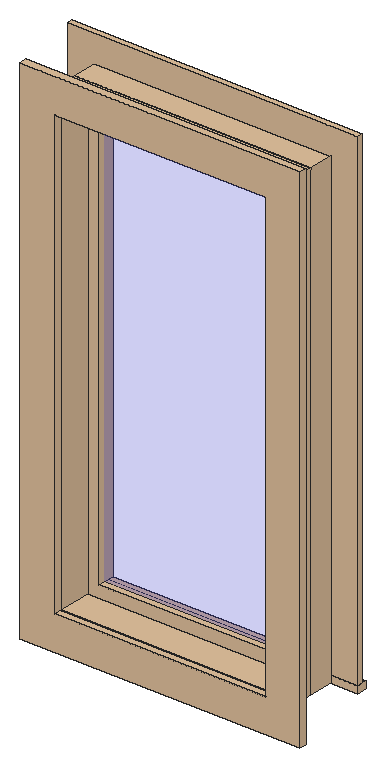
Revit family
Parameters (values of type "0610 x 1220mm")
  Glass Pane Material = Glass
  Height = 1220 mm
  Sash = Sash
  Default Sill Height = 915 mm
  Trim Exterior Material = Trim
  Trim Interior Material = Trim
  Trim Projection - Ext. = 13 mm
  Trim Projection - Int. = 19 mm
  Trim Width - Exterior = 89 mm
  Trim Width - Interior = 89 mm
  Wall Closure = (empty or 0)
  Width = 610 mm
  Window Inset = 19 mm
Types (10, lengths in mm): name | Height | Default Sill Height | Width
  (no name) | 1220 | 915 | 610
  0406 x 0610mm | 610 | 915 | 406
  0406 x 1220mm | 1220 | 915 | 406
  0406 x 1830mm | 1830 | 305 | 406
  0610 x 0610mm | 610 | 915 | 610
  0610 x 1220mm | 1220 | 915 | 610
  0610 x 1830mm | 1830 | 305 | 610
  0915 x 0610mm | 610 | 915 | 915
  0915 x 1220mm | 1220 | 915 | 915
  0915 x 1830mm | 1830 | 305 | 915
Reference planes
  plane 1: y = 0
  plane 2 "Center": x = 0
  plane 3 "Left": x = -305
  plane 4 "Right": x = 305
  plane 5 "Sill": z = 915
  plane 6 "Head": z = 2135
  plane 7: x = -286
  plane 8: x = 286
  plane 9: x = -273
  plane 10: x = 273
  plane 11: x = -375
  plane 12: x = 375
  plane 13: z = 2116
  plane 14: z = 2205
  plane 15: x = -362
  plane 16: x = 362
  plane 17: z = 2103
  plane 18: z = 2192
  plane 19: z = 947
  plane 20: z = 858
  plane 21 "Closure": y = 41
Forms (mm)
  Extrusion 1, solid, material "Trim" <- "Trim Interior Material"
    sketch origin (0, 0, 0) x (-1, 0, 0) y (0, 0, 1)
      loop
        line (-305, 2135) -> (-305, 915) -> (305, 915) -> (305, 2135) -> (-305, 2135)
      loop
        line (-273, 2103) -> (-273, 947) -> (273, 947) -> (273, 2103) -> (-273, 2103)
    from -62 to 25
  Extrusion 2, solid, material "Trim" <- "Trim Exterior Material"
    sketch origin (0, 0, 0) x (-1, 0, 0) y (0, 0, 1)
      loop
        line (-305, 2135) -> (-305, 915) -> (305, 915) -> (305, 2135) -> (-305, 2135)
      loop
        line (-286, 2116) -> (-286, 934) -> (286, 934) -> (286, 2116) -> (-286, 2116)
    from 25 to 88
  Extrusion 3, solid, material "Sash" <- "Sash"
    sketch origin (0, 0, 0) x (-1, 0, 0) y (0, 0, 1)
      loop
        line (-286, 2116) -> (-286, 934) -> (286, 934) -> (286, 2116) -> (-286, 2116)
      loop
        line (-242, 2072) -> (-242, 978) -> (242, 978) -> (242, 2072) -> (-242, 2072)
    from 25 to 69
  Extrusion 4, solid, material "Glass" <- "Glass Pane Material"
    sketch origin (0, 0, 0) x (-1, 0, 0) y (0, 0, 1)
      loop
        line (-242, 2072) -> (-242, 978) -> (242, 978) -> (242, 2072) -> (-242, 2072)
    from 41 to 53
  Extrusion 5, solid, material "Trim" <- "Trim Interior Material"
    sketch origin (0, 0, 0) x (1, 0, 0) y (0, 0, 1)
      loop
        line (-273, 2103) -> (-273, 947) -> (273, 947) -> (273, 2103) -> (-273, 2103)
      loop
        line (-362, 2192) -> (-362, 858) -> (362, 858) -> (362, 2192) -> (-362, 2192)
    from 62 to 81
  Extrusion 6, solid, material "Trim" <- "Trim Exterior Material"
    sketch origin (0, 0, 0) x (-1, 0, 0) y (0, 0, 1)
      loop
        line (-375, 934) -> (-375, 915) -> (375, 915) -> (375, 934) -> (-375, 934)
    from 88 to 114
  Extrusion 7, solid, material "Trim" <- "Trim Exterior Material"
    sketch origin (0, 0, 0) x (-1, 0, 0) y (0, 0, 1)
      loop
        line (-286, 934) -> (-286, 2116) -> (286, 2116) -> (286, 934) -> (375, 934) -> (375, 2205) -> (-375, 2205) -> (-375, 934) -> (-286, 934)
    from 88 to 101
Lines and regions (mm)
  Opening 1
    outline origin (3500, -62, 0) x (1, 0, 0) y (0, 0, 1)
      loop
        line (-3195, 915) -> (-3195, 2135) -> (-3805, 2135) -> (-3805, 915) -> (-3195, 915)
  symbolic lines, style "WindowsFrameMullionProjection"
    curve 1: line (-305, 88, 0) -> (-286, 88, 0)
    curve 2: line (-305, -62, 0) -> (-273, -62, 0)
    curve 3: line (-286, 69, 0) -> (-242, 69, 0)
    curve 4: line (-286, 25, 0) -> (-242, 25, 0)
    curve 5: line (-286, 88, 0) -> (-286, 25, 0)
    curve 6: line (-242, 69, 0) -> (-242, 25, 0)
    curve 7: line (-273, 25, 0) -> (-273, -62, 0)
    curve 8: line (303.878, 88, 0) -> (286, 88, 0)
    curve 9: line (286, 88, 0) -> (286, 25, 0)
    curve 10: line (286, 69, 0) -> (242, 69, 0)
    curve 11: line (242, 69, 0) -> (242, 25, 0)
    curve 12: line (242, 25, 0) -> (286, 25, 0)
    curve 13: line (305, -62, 0) -> (273, -62, 0)
    curve 14: line (273, 25, 0) -> (273, -62, 0)
  symbolic lines, style "WindowsGlassProjection"
    curve 15: line (-242, 47, 0) -> (242, 47, 0)
  symbolic lines, style "Elevation Swing"
    curve 16: line (273, 69, 2103) -> (0, 69, 947)
    curve 17: line (-273, 69, 2103) -> (0, 69, 947)
    curve 18: line (-273, -62, 2103) -> (0, -62, 947)
    curve 19: line (273, -62, 2103) -> (0, -62, 947)
Text (mm)
  text "EXTERIOR" at (-1342.265, 620.1, 0), in view "Floor Line"
  text "INTERIOR" at (-1342.265, -544.443, 0), in view "Floor Line"
  text "Exterior" at (0, 361.147, 3250.525), in view "Right"
  text "Exterior" at (0, 894.742, 2979.947), in view "Left"
Dimensions and locks
  equal spacing: plane 3 "Left", plane 2 "Center", plane 4 "Right"
  "Width": plane 3 "Left" to plane 4 "Right"
  "Height": plane 5 "Sill" to plane 6 "Head"
  "Default Sill Height": plane 5 "Sill" to level
  "Window Inset": host wall to Extrusion 3
  Extrusion 3 to Extrusion 3 = 44 mm
  locked: Extrusion 3 to Extrusion 4 at 16
  locked: Extrusion 4 to Extrusion 4 at 12
  locked: Extrusion 1 sketch curve to Extrusion 1 sketch curve at 32  (x2)
  "Trim Projection - Int.": Extrusion 5 to Extrusion 5
  locked: plane 3 "Left" to plane 7 at 19
  locked: plane 8 to plane 4 "Right" at 19
  locked: plane 10 to plane 4 "Right" at 32
  locked: plane 3 "Left" to plane 9 at 32
  "Trim Width - Exterior": plane 12 to plane 8
  "Trim Width - Exterior": plane 7 to plane 11
  locked: Extrusion 6 sketch curve to Extrusion 6 sketch curve at 19
  locked: plane 13 to plane 6 "Head" at 19
  "Trim Width - Exterior": plane 13 to plane 14
  "Trim Projection - Ext.": Extrusion 7 to Extrusion 7
  locked: Extrusion 6 to Extrusion 7 at 13
  "Trim Width - Interior": plane 15 to plane 9
  "Trim Width - Interior": plane 10 to plane 16
  locked: plane 6 "Head" to plane 17 at 32
  "Trim Width - Interior": plane 18 to plane 17
  locked: plane 19 to plane 5 "Sill" at 32
  "Trim Width - Interior": plane 19 to plane 20
  locked: plane 21 "Closure" to host wall at 47
  aligned and locked: host wall to Extrusion 1
  aligned and locked: host wall to Extrusion 2
  aligned and locked: Extrusion 3 sketch curve to Extrusion 2  (x4)
  aligned and locked: Extrusion 3 to Extrusion 1
  aligned and locked: Extrusion 2 to Extrusion 1
  aligned and locked: Extrusion 4 sketch curve to Extrusion 3  (x4)
  aligned and locked: Extrusion 5 sketch curve to Extrusion 1  (x4)
  aligned and locked: Extrusion 5 to host wall
  aligned and locked: curve 1 to Extrusion 2  (x2)
  aligned and locked: Extrusion 1 to curve 2
  aligned and locked: curve 2 to Extrusion 5
  aligned and locked: curve 3 to Extrusion 3
  aligned and locked: curve 4 to Extrusion 2  (x2)
  aligned and locked: curve 5 to Extrusion 2
  aligned and locked: curve 6 to Extrusion 3
  aligned and locked: curve 7 to Extrusion 1
  aligned and locked: Extrusion 2 to curve 9
  aligned and locked: curve 10 to Extrusion 3
  aligned and locked: curve 11 to Extrusion 3
  aligned and locked: Extrusion 3 to curve 12
  aligned and locked: curve 13 to Extrusion 1  (x2)
  aligned and locked: curve 14 to Extrusion 1
  aligned and locked: Extrusion 6 to host wall
  aligned and locked: Extrusion 2 to curve 8
  aligned and locked: Extrusion 6 sketch curve to Extrusion 2
  aligned and locked: Extrusion 6 to Extrusion 7 sketch curve
  aligned and locked: plane 12 to Extrusion 7 sketch curve
  aligned and locked: Extrusion 7 sketch curve to plane 7
  aligned and locked: Extrusion 7 sketch curve to Extrusion 6
  aligned and locked: plane 11 to Extrusion 7 sketch curve
  aligned and locked: Extrusion 7 sketch curve to Extrusion 2
  aligned and locked: Extrusion 7 to host wall
Automatic sketch dimensions
  Opening 1 sketch curve to plane 3 "Left" = 0 mm
  Opening 1 sketch curve to plane 4 "Right" = 0 mm
  Opening 1 sketch curve to plane 5 "Sill" = 0 mm
  Opening 1 sketch curve to plane 6 "Head" = 0 mm
  Extrusion 1 sketch curve to plane 5 "Sill" = 32 mm
  plane 6 "Head" to Extrusion 1 sketch curve = 32 mm
  plane 4 "Right" to Extrusion 2 sketch curve = 19 mm
  Extrusion 2 sketch curve to Extrusion 2 sketch curve = 19 mm
  Extrusion 2 sketch curve to plane 5 "Sill" = 19 mm
  plane 6 "Head" to Extrusion 2 sketch curve = 19 mm
  Extrusion 3 sketch curve to Extrusion 3 sketch curve = 44 mm
  Extrusion 3 sketch curve to plane 3 "Left" = 63 mm
  Extrusion 3 sketch curve to plane 5 "Sill" = 63 mm
  plane 6 "Head" to Extrusion 3 sketch curve = 63 mm
  Extrusion 1 sketch curve to plane 4 "Right" = 0 mm
  Extrusion 1 sketch curve to plane 3 "Left" = 0 mm
  Extrusion 1 sketch curve to plane 5 "Sill" = 0 mm
  Extrusion 1 sketch curve to plane 6 "Head" = 0 mm
  Extrusion 2 sketch curve to plane 4 "Right" = 0 mm
  Extrusion 2 sketch curve to plane 3 "Left" = 0 mm
  Extrusion 2 sketch curve to plane 5 "Sill" = 0 mm
  Extrusion 2 sketch curve to plane 6 "Head" = 0 mm
  plane 4 "Right" to curve 8 = 1.122 mm
  curve 15 to curve 3 = 22 mm
  Extrusion 6 sketch curve to plane 11 = 0 mm
  Extrusion 6 sketch curve to plane 12 = 0 mm
  Extrusion 7 sketch curve to plane 13 = 0 mm
  Extrusion 7 sketch curve to plane 14 = 0 mm
  Extrusion 5 sketch curve to plane 15 = 0 mm
  Extrusion 5 sketch curve to plane 16 = 0 mm
  Extrusion 5 sketch curve to plane 20 = 0 mm
  Extrusion 5 sketch curve to plane 18 = 0 mm
  curve 19 to plane 10 = 0 mm
  curve 19 to plane 17 = 0 mm
  curve 17 to plane 9 = 0 mm
  curve 17 to plane 17 = 0 mm
  curve 18 to plane 9 = 0 mm
  curve 18 to plane 17 = 0 mm
  curve 16 to plane 10 = 0 mm
  curve 16 to plane 17 = 0 mm
  curve 18 to plane 2 "Center" = 0 mm
  curve 18 to plane 19 = 0 mm
  curve 17 to plane 2 "Center" = 0 mm
  curve 17 to plane 19 = 0 mm
